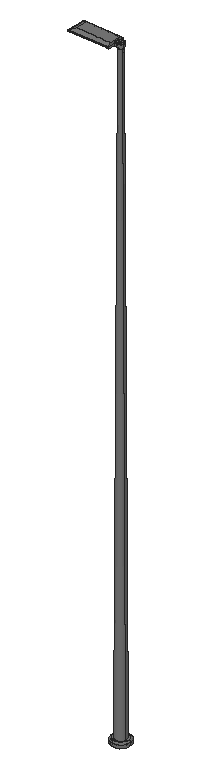
Revit family "99599_HOST_GND", category Lighting Fixtures, host Floor, Revit 2012
Parameters (values of type "Pole-Top Luminaires")
  Wattage = 111.484 W
  built-in parameter 1150110 = 1 (stored number, unit not read)
  URL = "www.bega-us.com"
  built-in parameter 1114217 = 1 (stored number, unit not read)
  Tilt Angle = 90.00°
  built-in parameter 1150109 = 1 (stored number, unit not read)
  built-in parameter 1150134 = 3
  Telephone = "805.684.0533"
  built-in parameter 1150113 = 1 (stored number, unit not read)
  Photometric Web File = "99599.ies"
  Model = "99599"
  Manufacturer = "BEGA-US"
  built-in parameter 1150105 = 1317.8 (stored number, unit not read)
  Lumens = 16560 lm
  built-in parameter 1150115 = 1 (stored number, unit not read)
  built-in parameter 1150137 = (empty or 0)
  built-in parameter 1150139 = (empty or 0)
  built-in parameter 1150112 = 1 (stored number, unit not read)
  built-in parameter 1150114 = 1 (stored number, unit not read)
  Lamp = "156W LED Module"
  built-in parameter 1150132 = 2
  built-in parameter 1150102 = (empty or 0)
  built-in parameter 1150107 = 3200 (stored number, unit not read)
  built-in parameter 1150138 = (empty or 0)
  built-in parameter 1150106 = 13.178 (stored number, unit not read)
  built-in parameter 1150104 = 13.8 (stored number, unit not read)
  Dimming Lamp Color Temperature Shift = <None>
  Description = "LED Area Roadway Luminaire"
  Color Filter = 16777215
  built-in parameter 1114218 = 1 (stored number, unit not read)
  built-in parameter 1150133 = 10 (stored number, unit not read)
Reference planes (in)
  plane 1 "Center (Front/Back)": y = 0
  plane 2: z = 0
  plane 3 "Center (Left/Right)": x = 0
Dimensions and locks (in)
  equal spacing: host sketch curve, plane 1 "Center (Front/Back)", host sketch curve
  equal spacing: host sketch curve, plane 3 "Center (Left/Right)", host sketch curve
  host sketch curve to host sketch curve = 10' - 0"  (x2)
  aligned and locked: level to plane 2
Nested families (in)
  nested 1: "9599LED" at (0, 0, 0), type "9599LED"
Connectors (in)
  electrical at (0, 0, 0)
    settings: on host floor, index 1, voltage 0 V, apparent load 0 VA, apparent load phase1 0 VA, apparent load phase2 0 VA, apparent load phase3 0 VA, power factor 1, load classification "Other", number of poles 1, system type 31, power factor state 1, is connector primary yes, connector utility no, sub classification motor no, connector description ""
Definition of nested family "9599LED"
  Reference planes (in)
    plane 1 "Center (Front/Back)": y = 0
    plane 2: z = 0
    plane 3 "Center (Left/Right)": x = 0
  Forms (in)
    Revolve 1, solid, material "Default"
      sketch origin (0, 0, 0) x (1, 0, 0) y (0, 0, 1)
        loop
          line (0, 0) -> (6.3125, 0) -> (6.3125, 2)
          arc (6.3125, 2) -> (6.01961, 2.70711) -> (5.3125, 3) r 1
          line (5.3125, 3) -> (0, 3) -> (0, 0)
        axis (0, 3) -> (0, 0)
      angle from 0 to 360
    Blend 2, solid, material "Default"
      base sketch origin (0, 0, 0) x (1, 0, 0) y (0, 1, 0)
        loop
          circle (0, 0) r 3.5
      top sketch origin (0, 0, 0) x (1, 0, 0) y (0, 1, 0)
        loop
          circle (0, 0) r 1.5
      from 3 to 420
    Extrusion 3, void
      sketch origin (0, 0, 0) x (1, 0, 0) y (0, 1, 0)
        loop
          circle (0, 0) r 1.25
      from 3 to 420
    Revolve 4, solid, material "Default"
      sketch origin (0, 0, 0) x (1, 0, 0) y (0, 0, 1)
        loop
          line (0, 420) -> (0, 416.625) -> (1.25, 416.625) -> (1.25, 420) -> (1.875, 420)
          arc (1.875, 420) -> (1.96339, 420.03661) -> (2, 420.125) r 0.125
          line (2, 420.125) -> (2, 422.5)
          arc (2, 422.5) -> (1.96339, 422.58839) -> (1.875, 422.625) r 0.125
          line (1.875, 422.625) -> (2, 422.625) -> (2, 422.75) -> (1.875, 422.75)
          arc (1.875, 422.75) -> (1.96339, 422.78661) -> (2, 422.875) r 0.125
          line (2, 422.875) -> (2, 423)
          arc (2, 423) -> (1.96339, 423.08839) -> (1.875, 423.125) r 0.125
          line (1.875, 423.125) -> (0.125, 423.125) -> (0.125, 423.25) -> (0, 423.25) -> (0, 423.125) -> (0, 422.875) -> (1.75, 422.875) -> (1.75, 420.125) -> (0, 420.125) -> (0, 420)
        axis (0, 423.25) -> (0, 416.625)
      angle from 0 to 360
    Extrusion 5, solid, material "Default"
      sketch origin (-14.71105, 0, 0.20442) x (0.999391, 0, -0.034899) y (0.034899, 0, 0.999391)
        loop
          line (-2.625, 422.625) -> (-3.75, 422.625) -> (-3.75, 421.5) -> (-3.75, 420.375) -> (-2.625, 420.375)
          arc (-2.625, 420.375) -> (-1.5, 421.5) -> (-2.625, 422.625) r 1.125
      from -1.4375 to 1.4375
    Blend 6, solid, material "Default"
      base sketch origin (-14.71105, 0, 0.20442) x (0.999391, 0, -0.034899) y (0, 1, 0)
        loop
          line (-30.5, -6.6875) -> (-3.75, -6.6875) -> (-3.75, 6.6875) -> (-30.5, 6.6875) -> (-30.5, -6.6875)
      top sketch origin (-14.71105, 0, 0.20442) x (0.999391, 0, -0.034899) y (0, 1, 0)
        loop
          line (-26.5, 4.125) -> (-26.5, -4.125) -> (-3.75, -4.125) -> (-3.75, 4.125) -> (-26.5, 4.125)
      from 421.375 to 423.125
    Extrusion 7, solid, material "Default"
      sketch origin (-14.71105, 0, 0.20442) x (0.999391, 0, -0.034899) y (0.034899, 0, 0.999391)
        loop
          line (-30.5, 421.375) -> (-30.5, 421.125) -> (-3.75, 421.125) -> (-3.75, 421.375) -> (-30.5, 421.375)
      from -6.6875 to 6.6875
    Extrusion 8, solid, material "Default"
      sketch origin (-14.71105, 0, 0.20442) x (0.999391, 0, -0.034899) y (0.034899, 0, 0.999391)
        loop
          line (-30.375, 421.125) -> (-30.375, 421) -> (-3.75, 421) -> (-3.75, 421.125) -> (-30.375, 421.125)
      from -6.5625 to 6.5625
    Blend 9, solid, material "Default"
      base sketch origin (-14.71105, 0, 0.20442) x (0.999391, 0, -0.034899) y (0, 1, 0)
        loop
          line (-3.75, 6.6875) -> (-30.5, 6.6875) -> (-30.5, -6.6875) -> (-3.75, -6.6875) -> (-3.75, 6.6875)
      top sketch origin (-14.71105, 0, 0.20442) x (0.999391, 0, -0.034899) y (0, 1, 0)
        loop
          line (-28.75, 5.5) -> (-28.75, -5.5) -> (-3.75, -5.5) -> (-3.75, 5.5) -> (-28.75, 5.5)
      from 421 to 420.125
    Extrusion 10, void
      sketch origin (-14.71105, 0, 0.20442) x (0.999391, 0, -0.034899) y (0.034899, 0, 0.999391)
        loop
          line (-30.25, 421.375) -> (-30.25, 421.125) -> (-4, 421.125) -> (-4, 421.375) -> (-30.25, 421.375)
      from -6.4375 to 6.4375
    Blend 11, void
      base sketch origin (-14.71105, 0, 0.20442) x (0.999391, 0, -0.034899) y (0, 1, 0)
        loop
          line (-30.25, -6.4375) -> (-4, -6.4375) -> (-4, 6.4375) -> (-30.25, 6.4375) -> (-30.25, -6.4375)
      top sketch origin (-14.71105, 0, 0.20442) x (0.999391, 0, -0.034899) y (0, 1, 0)
        loop
          line (-28.25, 5.5) -> (-28.25, -5.5) -> (-4, -5.5) -> (-4, 5.5) -> (-28.25, 5.5)
      from 421 to 420.375
    Extrusion 12, void
      sketch origin (-14.71105, 0, 0.20442) x (0.999391, 0, -0.034899) y (0.034899, 0, 0.999391)
        loop
          line (-30.25, 421.125) -> (-30.25, 421) -> (-4, 421) -> (-4, 421.125) -> (-30.25, 421.125)
      from -6.4375 to 6.4375
    Blend 13, void
      base sketch origin (-14.71105, 0, 0.20442) x (0.999391, 0, -0.034899) y (0, 1, 0)
        loop
          line (-4, 6.4375) -> (-30.25, 6.4375) -> (-30.25, -6.4375) -> (-4, -6.4375) -> (-4, 6.4375)
      top sketch origin (-14.71105, 0, 0.20442) x (0.999391, 0, -0.034899) y (0, 1, 0)
        loop
          line (-26.5, 4.125) -> (-26.5, -4.125) -> (-4, -4.125) -> (-4, 4.125) -> (-26.5, 4.125)
      from 421.375 to 422.875
    Extrusion 14, void
      sketch origin (-14.71105, 0, 0.20442) x (0.999391, 0, -0.034899) y (0.034899, 0, 0.999391)
        loop
          line (-28.25, 420.375) -> (-28.25, 420.125) -> (-13.25, 420.125) -> (-13.25, 420.375) -> (-28.25, 420.375)
      from -5 to 5
    Extrusion 15, solid, material "Glass"
      sketch origin (-14.71105, 0, 0.20442) x (0.999391, 0, -0.034899) y (0.034899, 0, 0.999391)
        loop
          line (-28.25, 420.375) -> (-28.25, 420.25) -> (-13.25, 420.25) -> (-13.25, 420.375) -> (-28.25, 420.375)
      from -5 to 5
  Cuts and joins
    Extrusion 3, Blend 11 cuts Revolve 1
    Extrusion 3 cuts Blend 2
    Extrusion 10, Blend 13 cuts Blend 6
    Extrusion 10 cuts Extrusion 7
    joined: Extrusion 5, Blend 6, Extrusion 7
    Extrusion 10, Extrusion 12, Extrusion 14 cuts Extrusion 8
    Blend 11, Extrusion 14 cuts Blend 9
    joined: Extrusion 8, Blend 9
  Dimensions and locks (in)
    Blend 11 to Extrusion 5 = 2' - 2 1/2"
    aligned and locked: plane 2 to level
